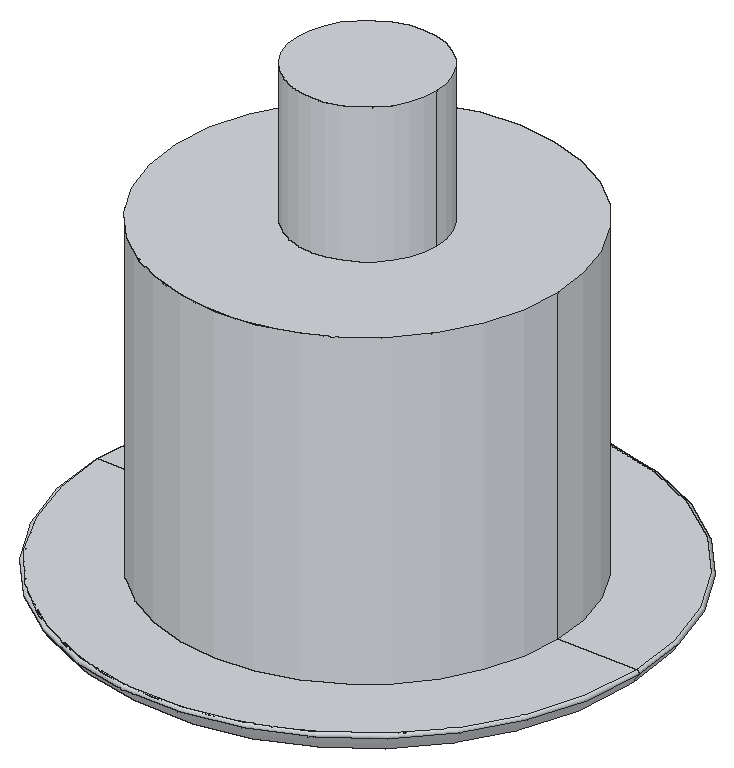
Revit family
Parameters (values of type "RASCO G4A CONCEALED")
  Temperature Rating = 165 °F
  Response = 1
  RASCO SIN # = "R5413"
  RASCO Part # = "G4A17B"
  Pressure Rating = "175 PSI"
  Pressure Class = (empty or 0)
  Orifice Size = 7/16"
  Orifice = (empty or 0)
  Model = "G4A"
  Manufacturer = "RASCO"
  K-Factor = 5.6
  Description = "Concealed Pendent"
  Coverage = (empty or 0)
Reference planes (in)
  plane 1 "Center (Front/Back)": y = 0
  plane 2: z = 0
  plane 3 "Center (Left/Right)": x = 0
Nested families (in)
  nested 1: "G4A17B" at (-0.49922, -0.21461, 0), type "RASCO G4A CONCEALED"
Connectors (in)
  piping at (-0.49922, -0.21461, 2.90921)
    settings: on nested 1, index 1, connector radius 55/128", flow factor 0, pipe flow 0 GPM, pressure drop 0.00 psi, fitting loss kfactor 0, connector angle 0.00°, fixture units 0, flow configuration 0, flow direction 0, fitting loss method 0, system type 7, connector reference index -1, connector utility 0, adjustable connector no, is connector primary yes, fitting loss table "", connector description ""
Definition of nested family "G4A17B"
  Parameters (values of type "RASCO G4A CONCEALED")
    Type Comments = ""
    Temperature Rating = 0 °F
    Response = (empty or 0)
    Pressure Rating = "0"
    Pressure Class = (empty or 0)
    Orifice Size = 0"
    Orifice = (empty or 0)
    Model = ""
    Manufacturer = ""
    K-Factor = 0
    Coverage = (empty or 0)
    Assembly Code = ""
  Reference planes (in)
    plane 1 "Center (Front/Back)": y = 0
    plane 2: z = 0
    plane 3 "Center (Left/Right)": x = 0
    plane 4 "ref.2": z = 0.181
    plane 5 "ref.3": z = 2.151
  Forms (in)
    Extrusion 1, solid
      sketch origin (0, 0, 0.181) x (-1, 0, 0) y (0, -1, 0)
        loop
          circle (0, 0) r 1.158
      from 0 to 1.88665
    Extrusion 2, solid
      sketch origin (0, 0, 2.151) x (-1, 0, 0) y (0, -1, 0)
        loop
          circle (0, 0) r 0.423
      from -0.08335 to 0.75821
    Revolve 3, solid
      sketch origin (0, 0, 0) x (1, 0, 0) y (0, 0, 1)
        loop
          line (0, 0.181) -> (-1.6363, 0.181)
          arc (-1.6363, 0.181) -> (-1.64942, 0.17349) -> (-1.6496, 0.15838) r 0.01522
          arc (-1.6496, 0.15838) -> (-1.53645, 0.04253) -> (-1.38019, 0) r 0.30833
          line (-1.38019, 0) -> (0, 0) -> (0, 0.181)
        axis (0, 0.181) -> (0, 0)
      angle from 0 to 360
